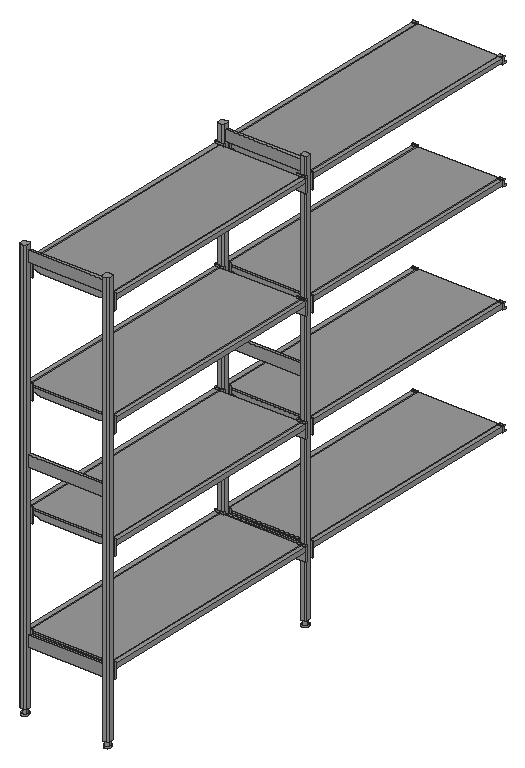
Revit family "QF_ELECTROLUXPROFESSIONAL_137064_ACS2016", category Attrezzature speciali, Revit 2020
Family settings
  Quota connettore circolare = Usa diametro
  Tipo di parte = Normale
  Basato su piano di lavoro = No
  Sempre verticale = Sì
  Taglio con vuoti quando caricato = No
  Condiviso = No
  Punto di calcolo locali = No
Parameters (values of type "Standard")
  Weight = 31.00 kg
  Watts = 0 W
  Volts = 0 V
  URL Manufacturer = "https://www.electroluxprofessional.com/"
  URL = "https://www.electroluxprofessional.com/"
  Steam Supply Size = 0 mm
  Steam Supply Minimum Pressure = 0.0 Pa
  Steam Supply Maximum Pressure = 0.0 Pa
  Steam Consumption per Hour = 0
  Refrigeration Suction Line Size = 0.0 mm
  Refrigeration Liquid Line Size = 0.0 mm
  Refrigerant Compressor Remote = yes
  Prospetto di default = 0.0 mm
  Phase = 0
  Modello = "ACS2016"
  Produttore = "Electrolux Professional"
  Length Actual = 2020.0 mm  # constant formula
  Item Number = "137064"
  Hot Water Size = 0 mm
  Height Actual = 1700.0 mm  # constant formula
  HP = "0 HP"
  Gas Size = 0 mm
  Gas KW = 0
  Gas Input Pressure = 0 W
  Direct Waste Size = 0 mm
  Descrizione = "ALUM.CORNER SHELV.-POLY.TIERS-373X2020MM"
  Depth Actual = 373.0 mm  # constant formula
  Cycle = 0 Hz
  Condensate Return Size = 0 mm
  Compressed Air Volume = 0.0 L/s
  Compressed Air Size = 0 mm
  Compressed Air Pressure = 0.0 Pa
  Cold Water Size = 0 mm
  Accessory = yes
Reference planes
  plane 1: z = 0
  plane 2 "CenterLeft": y = -535.5
  plane 3 "FRONT": y = -921.5
  plane 4 "LEFT": x = 192.5
  plane 5 "RIGHT": x = 565.5
  plane 6 "TOP": z = 1700
  plane 7: y = -889.5
  plane 8: y = 84.5
  plane 9 "Center (Left/Back)": x = 379
  plane 10: x = 205
  plane 11: x = 515
  plane 12 "FEET": z = 25
  plane 13: z = 275
  plane 14: z = 725
  plane 15: z = 1175
  plane 16: z = 1625
  plane 17 "CXLeft": y = -907.5
  plane 18 "Center (Front/Back)": y = 102.5
  plane 19 "CYFront": x = 510
  plane 20: y = 1094.5
  plane 21: y = 120.5
  plane 22 "BACK": y = 1098.5
  plane 23 "LEFT_ORIGIN": x = 158.5
  plane 24 "BACK_ORIGIN": y = 1471.5
Forms (mm)
  Extrusion 1, solid, material "QF_Aluminum"
    sketch origin (38.022, -921.5, -4.006) x (-1, 0, 0) y (0, 0, 1)
      loop
        line (-189.5, 1637.003) -> (-173.5, 1637.003) -> (-173.5, 1655) -> (-175.493, 1655) -> (-175.493, 1648.501) -> (-506.5, 1648.501) -> (-506.5, 1655) -> (-508.5, 1655) -> (-508.5, 1637.003) -> (-492.5, 1637.003) -> (-458.5, 1625) -> (-223.5, 1625) -> (-189.5, 1637.003)
      loop
        line (-189.5, 1187.003) -> (-173.5, 1187.003) -> (-173.5, 1205) -> (-175.493, 1205) -> (-175.493, 1198.501) -> (-506.5, 1198.501) -> (-506.5, 1205) -> (-508.5, 1205) -> (-508.5, 1187.003) -> (-492.5, 1187.003) -> (-458.5, 1175) -> (-223.5, 1175) -> (-189.5, 1187.003)
      loop
        line (-189.5, 737.003) -> (-173.5, 737.003) -> (-173.5, 755) -> (-175.493, 755) -> (-175.493, 748.501) -> (-506.5, 748.501) -> (-506.5, 755) -> (-508.5, 755) -> (-508.5, 737.003) -> (-492.5, 737.003) -> (-458.5, 725) -> (-223.5, 725) -> (-189.5, 737.003)
      loop
        line (-189.5, 287.003) -> (-173.5, 287.003) -> (-173.5, 305) -> (-175.493, 305) -> (-175.493, 298.501) -> (-506.5, 298.501) -> (-506.5, 305) -> (-508.5, 305) -> (-508.5, 287.003) -> (-492.5, 287.003) -> (-458.5, 275) -> (-223.5, 275) -> (-189.5, 287.003)
    from 37 to 32
  Extrusion 2, solid, material "QF_Aluminum"
    sketch origin (38.022, -921.5, 0) x (-1, 0, 0) y (0, 0, 1)
      loop
        line (-154.478, 246.005) -> (-154.478, 307.993) -> (-190.471, 307.993) -> (-190.471, 246.005) -> (-154.478, 246.005)
      loop
        line (-527.478, 246.005) -> (-491.484, 246.005) -> (-491.484, 307.993) -> (-527.478, 307.993) -> (-527.478, 246.005)
      loop
        line (-154.478, 696.005) -> (-154.478, 757.993) -> (-190.471, 757.993) -> (-190.471, 696.005) -> (-154.478, 696.005)
      loop
        line (-527.478, 696.005) -> (-491.484, 696.005) -> (-491.484, 757.993) -> (-527.478, 757.993) -> (-527.478, 696.005)
      loop
        line (-154.478, 1146.005) -> (-154.478, 1207.993) -> (-190.471, 1207.993) -> (-190.471, 1146.005) -> (-154.478, 1146.005)
      loop
        line (-527.478, 1146.005) -> (-491.484, 1146.005) -> (-491.484, 1207.993) -> (-527.478, 1207.993) -> (-527.478, 1146.005)
      loop
        line (-154.478, 1596.005) -> (-154.478, 1657.993) -> (-190.471, 1657.993) -> (-190.471, 1596.005) -> (-154.478, 1596.005)
      loop
        line (-527.478, 1596.005) -> (-491.484, 1596.005) -> (-491.484, 1657.993) -> (-527.478, 1657.993) -> (-527.478, 1596.005)
    from 28 to 32
  Extrusion 3, solid, material "QF_Aluminum"
    sketch origin (38.022, -921.5, 0) x (-1, 0, 0) y (0, 0, 1)
      loop
        line (-154.5, 1650.994) -> (-173.5, 1650.994) -> (-173.5, 1632.998) -> (-154.5, 1632.998) -> (-154.5, 1650.994)
      loop
        line (-154.5, 1200.994) -> (-173.5, 1200.994) -> (-173.5, 1182.998) -> (-154.5, 1182.998) -> (-154.5, 1200.994)
      loop
        line (-154.5, 750.994) -> (-173.5, 750.994) -> (-173.5, 732.998) -> (-154.5, 732.998) -> (-154.5, 750.994)
      loop
        line (-154.5, 300.994) -> (-173.5, 300.994) -> (-173.5, 282.998) -> (-154.5, 282.998) -> (-154.5, 300.994)
      loop
        line (-527.455, 1650.994) -> (-527.455, 1632.998) -> (-508.455, 1632.998) -> (-508.455, 1650.994) -> (-527.455, 1650.994)
      loop
        line (-527.455, 1200.994) -> (-527.455, 1182.998) -> (-508.455, 1182.998) -> (-508.455, 1200.994) -> (-527.455, 1200.994)
      loop
        line (-527.455, 750.994) -> (-527.455, 732.998) -> (-508.455, 732.998) -> (-508.455, 750.994) -> (-527.455, 750.994)
      loop
        line (-527.455, 300.994) -> (-527.455, 282.998) -> (-508.455, 282.998) -> (-508.455, 300.994) -> (-527.455, 300.994)
    from 32 to 1006
  Extrusion 4, solid, material "QF_Polyethylene"
    sketch origin (38.022, -921.5, 0) x (-1, 0, 0) y (0, 0, 1)
      loop
        line (-175.493, 1650.994) -> (-506.5, 1650.994) -> (-506.5, 1644.496) -> (-175.493, 1644.496) -> (-175.493, 1650.994)
      loop
        line (-175.493, 1200.994) -> (-506.5, 1200.994) -> (-506.5, 1194.496) -> (-175.493, 1194.496) -> (-175.493, 1200.994)
      loop
        line (-175.493, 750.994) -> (-506.5, 750.994) -> (-506.5, 744.496) -> (-175.493, 744.496) -> (-175.493, 750.994)
      loop
        line (-175.493, 300.994) -> (-506.5, 300.994) -> (-506.5, 294.496) -> (-175.493, 294.496) -> (-175.493, 300.994)
    from 32 to 1006
  Extrusion 5, solid, material "QF_Aluminum"
    sketch origin (38.022, 684.5, 0) x (-1, 0, 0) y (0, 0, 1)
      loop
        line (-154.5, 1650.994) -> (-173.5, 1650.994) -> (-173.5, 1632.998) -> (-154.5, 1632.998) -> (-154.5, 1650.994)
      loop
        line (-508.5, 1650.994) -> (-527.455, 1650.994) -> (-527.455, 1632.998) -> (-508.5, 1632.998) -> (-508.5, 1650.994)
      loop
        line (-154.5, 1200.994) -> (-173.5, 1200.994) -> (-173.5, 1182.998) -> (-154.5, 1182.998) -> (-154.5, 1200.994)
      loop
        line (-508.5, 1200.994) -> (-527.455, 1200.994) -> (-527.455, 1182.998) -> (-508.5, 1182.998) -> (-508.5, 1200.994)
      loop
        line (-154.5, 750.994) -> (-173.5, 750.994) -> (-173.5, 732.998) -> (-154.5, 732.998) -> (-154.5, 750.994)
      loop
        line (-508.5, 750.994) -> (-527.455, 750.994) -> (-527.455, 732.998) -> (-508.5, 732.998) -> (-508.5, 750.994)
      loop
        line (-154.5, 300.994) -> (-173.5, 300.994) -> (-173.5, 282.998) -> (-154.5, 282.998) -> (-154.5, 300.994)
      loop
        line (-508.5, 300.994) -> (-527.455, 300.994) -> (-527.455, 282.998) -> (-508.5, 282.998) -> (-508.5, 300.994)
    from 410 to -564
  Extrusion 6, solid, material "QF_Polyethylene"
    sketch origin (38.022, 684.5, 0) x (-1, 0, 0) y (0, 0, 1)
      loop
        line (-175.493, 1650.994) -> (-506.5, 1650.994) -> (-506.5, 1644.496) -> (-175.493, 1644.496) -> (-175.493, 1650.994)
      loop
        line (-175.493, 1200.994) -> (-506.5, 1200.994) -> (-506.5, 1194.496) -> (-175.493, 1194.496) -> (-175.493, 1200.994)
      loop
        line (-175.493, 750.994) -> (-506.5, 750.994) -> (-506.5, 744.496) -> (-175.493, 744.496) -> (-175.493, 750.994)
      loop
        line (-175.493, 300.994) -> (-506.5, 300.994) -> (-506.5, 294.496) -> (-175.493, 294.496) -> (-175.493, 300.994)
    from 410 to -564
Lines and regions (mm)
  symbolic lines
    curve 1: line (205, -912.5, 1700) -> (515, -912.5, 1700)
    curve 2: line (515, -902.5, 1700) -> (205, -902.5, 1700)
    curve 3: line (192.5, -893.5, 1700) -> (192.5, 88.5, 1700)
    curve 4: line (565.5, -889.5, 1700) -> (565.5, 84.5, 1700)
    curve 5: line (192.5, 116.5, 1700) -> (192.5, 1098.5, 1700)
    curve 6: line (565.5, 116.5, 1700) -> (565.5, 1098.5, 1700)
    curve 7: line (211.522, 1094.5, 1700) -> (510.507, 1094.5, 1700)
    curve 8: line (211.522, 84.5, 1700) -> (510.507, 84.5, 1700)
    curve 9: line (510.507, 120.5, 1700) -> (211.522, 120.5, 1700)
    curve 10: line (211.522, -889.5, 1700) -> (510.507, -889.5, 1700)
    curve 11: line (211.522, -889.5, 1700) -> (211.522, 84.5, 1700)
    curve 12: line (546.478, 84.5, 1700) -> (546.478, -889.5, 1700)
    curve 13: line (211.522, 120.5, 1700) -> (211.522, 1094.5, 1700)
    curve 14: line (546.522, 652.5, 1700) -> (546.522, -145.5, 1700)
Dimensions and locks
  plane 3 "FRONT" to plane 2 "CenterLeft" = 386.0 mm
  locked: plane 6 "TOP" to level at 1700
  locked: plane 7 to plane 8 at 974
  locked: plane 10 to plane 11 at 310
  plane 10 to plane 9 "Center (Left/Back)" to plane 11 = 174.0 mm, 136.0 mm
  equal spacing: plane 4 "LEFT", plane 9 "Center (Left/Back)", plane 5 "RIGHT"
  plane 12 "FEET" to level = 25.0 mm
  plane 6 "TOP" to plane 12 "FEET" = 1675.0 mm
  plane 13 to plane 12 "FEET" = 250.0 mm
  plane 14 to plane 13 = 450.0 mm
  plane 15 to plane 14 = 450.0 mm
  plane 16 to plane 15 = 450.0 mm
  plane 19 "CYFront" to Extrusion 1 sketch curve = 34.522 mm
  locked: plane 21 to plane 20 at 974
  locked: plane 8 to plane 18 "Center (Front/Back)" at 18
  locked: plane 18 "Center (Front/Back)" to plane 21 at 18
  locked: plane 3 "FRONT" to plane 7 at 32
  locked: plane 4 "LEFT" to plane 5 "RIGHT" at 373
  locked: plane 23 "LEFT_ORIGIN" to plane 5 "RIGHT" at 407
  locked: plane 22 "BACK" to plane 24 "BACK_ORIGIN" at 373
  locked: plane 22 "BACK" to plane 3 "FRONT" at 2020
  aligned and locked: level to plane 1
  aligned and locked: Extrusion 1 to plane 7
  aligned and locked: plane 7 to Extrusion 2
  aligned and locked: Extrusion 4 to plane 7
  aligned and locked: plane 8 to Extrusion 4
  aligned and locked: Extrusion 3 to plane 7
  aligned and locked: plane 8 to Extrusion 3
  aligned and locked: Extrusion 1 sketch curve to Extrusion 1 sketch curve  (x3)
  aligned and locked: Extrusion 4 sketch curve to Extrusion 1  (x4)
  aligned and locked: Extrusion 5 sketch curve to Extrusion 5 sketch curve  (x2)
  aligned and locked: Extrusion 5 to plane 21  (x5)
  aligned and locked: Extrusion 6 to plane 21  (x5)
  aligned and locked: nested 2 to plane 18 "Center (Front/Back)"
  aligned and locked: nested 1 to plane 17 "CXLeft"
  aligned and locked: plane 7 to Extrusion 3  (x3)
  aligned and locked: Extrusion 3 to plane 8  (x4)
  aligned and locked: Extrusion 4 to plane 8  (x4)
  aligned and locked: plane 20 to Extrusion 5
  aligned and locked: plane 20 to Extrusion 6
  aligned and locked: Extrusion 5 to plane 20  (x3)
  aligned and locked: Extrusion 6 to plane 20  (x3)
  aligned and locked: plane 9 "Center (Left/Back)" to nested 2
  aligned and locked: nested 3 to plane 22 "BACK"
Automatic sketch dimensions
  curve 1 to plane 10 = 0.0 mm
  curve 1 to plane 11 = 0.0 mm
  curve 2 to plane 10 = 0.0 mm
  curve 2 to plane 11 = 0.0 mm
  curve 3 to plane 4 "LEFT" = 0.0 mm
  plane 7 to curve 10 = 0.0 mm
  curve 4 to plane 5 "RIGHT" = 0.0 mm
  plane 7 to curve 4 = 0.0 mm
  plane 8 to curve 8 = 0.0 mm
  plane 8 to curve 4 = 0.0 mm
  curve 6 to plane 5 "RIGHT" = 0.0 mm
  curve 5 to plane 4 "LEFT" = 0.0 mm
  curve 9 to plane 21 = 0.0 mm
  plane 20 to curve 7 = 0.0 mm
  plane 7 to curve 3 = 4.0 mm
  plane 17 "CXLeft" to curve 2 = 5.0 mm
  curve 1 to plane 17 "CXLeft" = 5.0 mm
  curve 3 to plane 8 = 4.0 mm
  curve 6 to plane 21 = 4.0 mm
  curve 5 to plane 21 = 4.0 mm
  curve 6 to plane 20 = 4.0 mm
  curve 5 to plane 20 = 4.0 mm
  plane 11 to curve 10 = 4.493 mm
  plane 11 to curve 9 = 4.493 mm
  plane 11 to curve 8 = 4.493 mm
  plane 11 to curve 7 = 4.493 mm
  curve 8 to plane 10 = 6.522 mm
  curve 7 to plane 10 = 6.522 mm
  Extrusion 1 sketch curve to plane 19 "CYFront" = 36.522 mm  (x4)
  Extrusion 1 sketch curve to plane 11 = 15.522 mm  (x4)
  Extrusion 1 sketch curve to plane 13 = 4.006 mm
  Extrusion 1 sketch curve to Extrusion 1 sketch curve = 34.0 mm  (x4)
  Extrusion 1 sketch curve to plane 14 = 4.006 mm
  Extrusion 1 sketch curve to plane 15 = 4.006 mm
  Extrusion 1 sketch curve to plane 16 = 4.006 mm
  Extrusion 1 sketch curve to plane 10 = 56.522 mm  (x4)
  Extrusion 1 sketch curve to plane 10 = 22.522 mm  (x4)
  plane 13 to Extrusion 1 sketch curve = 7.998 mm  (x2)
  Extrusion 1 sketch curve to Extrusion 1 sketch curve = 11.498 mm  (x4)
  Extrusion 1 sketch curve to Extrusion 1 sketch curve = 6.499 mm  (x8)
  plane 14 to Extrusion 1 sketch curve = 7.998 mm  (x2)
  plane 15 to Extrusion 1 sketch curve = 7.998 mm  (x2)
  plane 16 to Extrusion 1 sketch curve = 7.998 mm  (x2)
  Extrusion 2 sketch curve to plane 5 "RIGHT" = 0.0 mm  (x4)
  Extrusion 2 sketch curve to plane 4 "LEFT" = 0.0 mm  (x4)
  Extrusion 2 sketch curve to plane 11 = 14.507 mm  (x4)
  Extrusion 2 sketch curve to plane 10 = 23.493 mm  (x4)
  Extrusion 2 sketch curve to plane 13 = 28.995 mm  (x2)
  plane 13 to Extrusion 2 sketch curve = 32.993 mm  (x2)
  Extrusion 2 sketch curve to plane 14 = 28.995 mm  (x2)
  plane 14 to Extrusion 2 sketch curve = 32.993 mm  (x2)
  Extrusion 2 sketch curve to plane 15 = 28.995 mm  (x2)
  plane 15 to Extrusion 2 sketch curve = 32.993 mm  (x2)
  Extrusion 2 sketch curve to plane 16 = 28.995 mm  (x2)
  plane 16 to Extrusion 2 sketch curve = 32.993 mm  (x2)
  plane 13 to Extrusion 4 sketch curve = 19.496 mm
  Extrusion 4 sketch curve to Extrusion 4 sketch curve = 6.499 mm  (x4)
  plane 14 to Extrusion 4 sketch curve = 19.496 mm
  plane 15 to Extrusion 4 sketch curve = 19.496 mm
  plane 16 to Extrusion 4 sketch curve = 19.496 mm
  plane 5 "RIGHT" to Extrusion 5 sketch curve = 0.022 mm  (x4)
  Extrusion 5 sketch curve to plane 4 "LEFT" = 19.022 mm  (x4)
  Extrusion 5 sketch curve to plane 19 "CYFront" = 36.522 mm  (x2)
  plane 13 to Extrusion 5 sketch curve = 7.998 mm  (x2)
  Extrusion 5 sketch curve to Extrusion 5 sketch curve = 17.997 mm  (x8)
  plane 14 to Extrusion 5 sketch curve = 7.998 mm  (x2)
  plane 15 to Extrusion 5 sketch curve = 7.998 mm  (x2)
  plane 16 to Extrusion 5 sketch curve = 7.998 mm  (x2)
  Extrusion 6 sketch curve to plane 19 "CYFront" = 34.522 mm  (x4)
  plane 13 to Extrusion 6 sketch curve = 19.496 mm
  Extrusion 6 sketch curve to Extrusion 6 sketch curve = 6.499 mm  (x4)
  plane 14 to Extrusion 6 sketch curve = 19.496 mm
  plane 15 to Extrusion 6 sketch curve = 19.496 mm
  plane 16 to Extrusion 6 sketch curve = 19.496 mm
  plane 5 "RIGHT" to Extrusion 3 sketch curve = 0.022 mm  (x4)
  Extrusion 3 sketch curve to Extrusion 3 sketch curve = 19.0 mm  (x4)
  plane 14 to Extrusion 3 sketch curve = 7.998 mm  (x2)
  Extrusion 3 sketch curve to plane 10 = 6.522 mm  (x4)
  Extrusion 3 sketch curve to plane 4 "LEFT" = 0.022 mm  (x4)
  plane 13 to Extrusion 3 sketch curve = 25.994 mm  (x2)
  plane 13 to Extrusion 3 sketch curve = 7.998 mm  (x2)
  Extrusion 3 sketch curve to Extrusion 3 sketch curve = 17.997 mm  (x6)
  plane 15 to Extrusion 3 sketch curve = 7.998 mm  (x2)
  plane 16 to Extrusion 3 sketch curve = 7.998 mm  (x2)
  plane 7 to curve 12 = 0.0 mm
  plane 8 to curve 12 = 0.0 mm
  curve 4 to curve 12 = 19.022 mm
  Extrusion 1 sketch curve to plane 10 = 8.516 mm  (x4)
  Extrusion 1 sketch curve to plane 10 = 6.522 mm  (x2)
  Extrusion 1 sketch curve to Extrusion 1 sketch curve = 1.993 mm  (x2)
  Extrusion 4 sketch curve to plane 10 = 8.516 mm  (x4)
  Extrusion 5 sketch curve to plane 4 "LEFT" = 0.022 mm  (x4)
  Extrusion 6 sketch curve to plane 10 = 8.516 mm  (x4)
Nested families
  nested 1: "WT_Anta373" at (215.5, -504.5, 0) x (0, 1, 0) z (0, 0, 1), type "WT_Anta373"
  nested 2: "WT_Anta373Center" at (215.5, 505.5, 0) x (0, 1, 0) z (0, 0, 1), type "WT_Anta373Center"
  nested 3: "WT_Aggancio373" at (215.5, 1506.5, 0) x (0, 1, 0) z (0, 0, 1), type "WT_Aggancio373"
Definition of nested family "WT_Anta373"
  Parameters
    WidthLeft = A + 64.0 mm  # 772.0 mm
    Width = 1606.0 mm
    Right = WidthLeft / 2  # 386.0 mm
    Default Elevation = 0.0 mm
    Left = -WidthLeft / 2  # -386.0 mm
    Height = 1725.0 mm
    FEET = 25.0 mm
    E = 0.0 mm
    Dint = Depth - 63.0 mm  # 310.0 mm
    Dext = Depth - 8.0 mm  # 365.0 mm
    Depth = 373.0 mm
    DX = (WidthLeft - A) / 2  # 32.0 mm
    B = 798.0 mm
    A = 708.0 mm
  Reference planes
    plane 1: z = 0
    plane 2 "LEFT": x = -417
    plane 3 "BACK": y = 23
    plane 4 "FRONT": y = -350
    plane 5 "TOP": z = 1725
    plane 6 "Center (Front/Back)": y = -163.5
    plane 7: y = -8.5
    plane 8: y = -318.5
    plane 9 "FEET": z = 25
    plane 10: z = 275
    plane 11: z = 725
    plane 12: z = 1175
    plane 13: z = 1625
    plane 14 "CXLeft": x = -403
    plane 15: y = 5.5
    plane 16 "CYBack": y = 5.5
    plane 17 "CYFront": y = -332.5
    plane 18: x = -385.031
    plane 19: x = -380.031
  Forms (mm)
    Extrusion 1, solid
      sketch origin (0, 0, 0) x (1, 0, 0) y (0, 1, 0)
        loop
          line (-417, 13.246) -> (-417, -2.246) -> (-410.746, -8.5) -> (-395.254, -8.5) -> (-389, -2.246) -> (-389, 13.246) -> (-395.254, 19.5) -> (-410.746, 19.5) -> (-417, 13.246)
      from 1725 to 25
    Extrusion 2, solid
      sketch origin (-417, 0, 0) x (0, 1, 0) y (0, 0, 1)
        loop
          line (23, 246.005) -> (23, 307.993) -> (-12.993, 307.993) -> (-12.993, 246.005) -> (23, 246.005)
        loop
          line (-350, 246.005) -> (-314.007, 246.005) -> (-314.007, 307.993) -> (-350, 307.993) -> (-350, 246.005)
        loop
          line (23, 696.005) -> (23, 757.993) -> (-12.993, 757.993) -> (-12.993, 696.005) -> (23, 696.005)
        loop
          line (-350, 696.005) -> (-314.007, 696.005) -> (-314.007, 757.993) -> (-350, 757.993) -> (-350, 696.005)
        loop
          line (23, 1146.005) -> (23, 1207.993) -> (-12.993, 1207.993) -> (-12.993, 1146.005) -> (23, 1146.005)
        loop
          line (-350, 1146.005) -> (-314.007, 1146.005) -> (-314.007, 1207.993) -> (-350, 1207.993) -> (-350, 1146.005)
        loop
          line (23, 1596.005) -> (23, 1657.993) -> (-12.993, 1657.993) -> (-12.993, 1596.005) -> (23, 1596.005)
        loop
          line (-350, 1596.005) -> (-314.007, 1596.005) -> (-314.007, 1657.993) -> (-350, 1657.993) -> (-350, 1596.005)
      from 28 to 32
    Revolve 3, solid
      sketch origin (-403, 0, 0) x (0, 1, 0) y (0, 0, 1)
        loop
          line (5.5, 25) -> (5.5, 0) -> (19, 0) -> (19, 5) -> (14, 5) -> (14, 25) -> (5.5, 25)
        axis (5.5, 25) -> (5.5, 0)
      angle from 0 to 360
    Extrusion 4, solid
      sketch origin (-403, 0, 0) x (0, 1, 0) y (0, 0, 1)
        loop
          line (-8.5, 912.382) -> (-8.5, 957.374) -> (-318.5, 957.374) -> (-318.5, 912.382) -> (-8.5, 912.382)
        loop
          line (-8.5, 1662.244) -> (-8.5, 1707.236) -> (-318.5, 1707.236) -> (-318.5, 1662.244) -> (-8.5, 1662.244)
      from -5 to 5
    Revolve 5, solid
      sketch origin (-403, -627, 0) x (0, -1, 0) y (0, 0, 1)
        loop
          line (-294.5, 25) -> (-294.5, 0) -> (-281, 0) -> (-281, 5) -> (-286, 5) -> (-286, 25) -> (-294.5, 25)
        axis (-294.5, 25) -> (-294.5, 0)
      angle from 0 to 360
    Extrusion 6, solid
      sketch origin (0, -627, 0) x (1, 0, 0) y (0, 1, 0)
        loop
          line (-417, 286.754) -> (-410.746, 280.5) -> (-395.254, 280.5) -> (-389, 286.754) -> (-389, 302.246) -> (-395.254, 308.5) -> (-410.746, 308.5) -> (-417, 302.246) -> (-417, 286.754)
      from 1725 to 25
    Extrusion 7, solid
      sketch origin (-417.031, -0.022, 0) x (0, 1, 0) y (0, 0, -1)
        loop
          line (-12, -1632.998) -> (-46, -1620.994) -> (-281, -1620.994) -> (-315, -1632.998) -> (-331, -1632.998) -> (-331, -1650.994) -> (-329, -1650.994) -> (-329, -1644.496) -> (2.007, -1644.496) -> (2.007, -1650.994) -> (4, -1650.994) -> (4, -1632.998) -> (-12, -1632.998)
        loop
          line (-12, -1182.998) -> (-46, -1170.994) -> (-281, -1170.994) -> (-315, -1182.998) -> (-331, -1182.998) -> (-331, -1200.994) -> (-329, -1200.994) -> (-329, -1194.496) -> (2.007, -1194.496) -> (2.007, -1200.994) -> (4, -1200.994) -> (4, -1182.998) -> (-12, -1182.998)
        loop
          line (-12, -732.998) -> (-46, -720.994) -> (-281, -720.994) -> (-315, -732.998) -> (-331, -732.998) -> (-331, -750.994) -> (-329, -750.994) -> (-329, -744.496) -> (2.007, -744.496) -> (2.007, -750.994) -> (4, -750.994) -> (4, -732.998) -> (-12, -732.998)
        loop
          line (-12, -282.998) -> (-46, -270.994) -> (-281, -270.994) -> (-315, -282.998) -> (-331, -282.998) -> (-331, -300.994) -> (-329, -300.994) -> (-329, -294.496) -> (2.007, -294.496) -> (2.007, -300.994) -> (4, -300.994) -> (4, -282.998) -> (-12, -282.998)
      from -32 to -37
    Extrusion 8, solid
      sketch origin (-403, 0, -659.878) x (0, 1, 0) y (0, 0, 1)
        loop
          line (-8.5, 912.382) -> (-8.5, 957.374) -> (-318.5, 957.374) -> (-318.5, 912.382) -> (-8.5, 912.382)
        loop
          line (-8.5, 1572.382) -> (-8.5, 1617.374) -> (-318.5, 1617.374) -> (-318.5, 1572.382) -> (-8.5, 1572.382)
        loop
          line (-8.5, 2322.382) -> (-8.5, 2367.374) -> (-318.5, 2367.374) -> (-318.5, 2322.382) -> (-8.5, 2322.382)
      from -5 to 5
  Lines and regions (mm)
    symbolic lines
      curve 1: line (-408, -8.5, 1725) -> (-408, -318.5, 1725)
      curve 2: line (-398, -318.5, 1725) -> (-398, -8.5, 1725)
      curve 3: line (-395.254, -8.5, 1725) -> (-410.746, -8.5, 1725)
      curve 4: line (-417, -2.246, 1725) -> (-410.746, -8.5, 1725)
      curve 5: line (-417, 13.246, 1725) -> (-417, -2.246, 1725)
      curve 6: line (-410.746, 19.5, 1725) -> (-417, 13.246, 1725)
      curve 7: line (-395.254, 19.5, 1725) -> (-410.746, 19.5, 1725)
      curve 8: line (-389, 13.246, 1725) -> (-395.254, 19.5, 1725)
      curve 9: line (-395.254, -8.5, 1725) -> (-389, -2.246, 1725)
      curve 10: line (-395.254, -318.5, 1725) -> (-410.746, -318.5, 1725)
      curve 11: line (-417, -324.754, 1725) -> (-410.746, -318.5, 1725)
      curve 12: line (-410.746, -346.5, 1725) -> (-417, -340.246, 1725)
      curve 13: line (-395.254, -346.5, 1725) -> (-410.746, -346.5, 1725)
      curve 14: line (-389, -340.246, 1725) -> (-395.254, -346.5, 1725)
      curve 15: line (-395.254, -318.5, 1725) -> (-389, -324.754, 1725)
      curve 16: line (-389, -350, 1725) -> (-389, -314.007, 1725)
      curve 17: line (-389, -314.007, 1725) -> (-385, -314.007, 1725)
      curve 18: line (-389, 23, 1725) -> (-389, -12.993, 1725)
      curve 19: line (-389, -12.993, 1725) -> (-385, -12.993, 1725)
      curve 20: line (-417, -324.754, 1725) -> (-417, -340.246, 1725)
      curve 21: line (-385, -350, 1725) -> (-385, -314.007, 1725)
      curve 22: line (-385, -350, 1725) -> (-389, -350, 1725)
      curve 23: line (-385, 23, 1725) -> (-389, 23, 1725)
      curve 24: line (-385, -12.993, 1725) -> (-385, 23, 1725)
      curve 25: line (-385.031, -13.016, 1725) -> (-385.031, -314.029, 1725)
  Dimensions and locks
    "Height": plane 5 "TOP" to level
    "Depth": plane 3 "BACK" to plane 4 "FRONT"
    "Dint": plane 7 to plane 8
    equal spacing: plane 7, plane 6 "Center (Front/Back)", plane 8
    equal spacing: plane 3 "BACK", plane 6 "Center (Front/Back)", plane 4 "FRONT"
    plane 9 "FEET" to level = 25.0 mm
    plane 5 "TOP" to plane 9 "FEET" = 1700.0 mm
    plane 10 to plane 9 "FEET" = 250.0 mm
    plane 11 to plane 10 = 450.0 mm
    plane 12 to plane 11 = 450.0 mm
    plane 13 to plane 12 = 450.0 mm
    locked: plane 2 "LEFT" to plane 14 "CXLeft" at 14
    locked: plane 3 "BACK" to plane 16 "CYBack" at 17.5
    locked: plane 17 "CYFront" to plane 4 "FRONT" at 17.5
    locked: Revolve 3 sketch curve to Revolve 3 sketch curve at 8.5
    locked: Revolve 3 sketch curve to plane 16 "CYBack" at 13.5
    locked: Revolve 5 sketch curve to Revolve 5 sketch curve at 8.5
    aligned and locked: level to plane 1
    aligned and locked: curve 20 to Extrusion 6
    aligned and locked: plane 5 "TOP" to Extrusion 1
    aligned and locked: plane 5 "TOP" to Extrusion 6
    aligned and locked: Extrusion 7 sketch curve to Extrusion 7 sketch curve  (x3)
  Automatic sketch dimensions
    curve 16 to plane 4 "FRONT" = 0.0 mm
    curve 11 to plane 8 = 0.0 mm
    curve 9 to plane 7 = 0.0 mm
    curve 5 to plane 2 "LEFT" = 0.0 mm
    curve 23 to plane 3 "BACK" = 0.0 mm
    plane 4 "FRONT" to curve 13 = 3.5 mm
    curve 20 to plane 17 "CYFront" = 7.746 mm
    curve 20 to plane 8 = 6.254 mm
    plane 8 to curve 16 = 4.493 mm
    curve 24 to plane 18 = 0.031 mm
    curve 24 to plane 7 = 4.493 mm
    plane 7 to curve 5 = 6.254 mm
    curve 5 to plane 15 = 7.746 mm
    curve 6 to plane 3 "BACK" = 3.5 mm
    curve 21 to plane 18 = 0.031 mm
    plane 18 to curve 23 = 3.969 mm
    plane 18 to curve 16 = 3.969 mm
    curve 18 to curve 8 = 6.254 mm
    curve 18 to curve 3 = 6.254 mm
    curve 16 to curve 13 = 6.254 mm
    curve 16 to curve 15 = 6.254 mm
    plane 2 "LEFT" to curve 10 = 6.254 mm
    plane 2 "LEFT" to curve 7 = 6.254 mm
    plane 2 "LEFT" to curve 12 = 6.254 mm
    plane 2 "LEFT" to curve 3 = 6.254 mm
    curve 14 to plane 17 "CYFront" = 7.746 mm
    curve 15 to plane 8 = 6.254 mm
    plane 7 to curve 9 = 6.254 mm
    curve 8 to plane 15 = 7.746 mm
    curve 3 to curve 2 = 2.746 mm
    curve 1 to curve 10 = 2.746 mm
    Extrusion 1 sketch curve to plane 2 "LEFT" = 0.0 mm
    Extrusion 1 sketch curve to plane 7 = 0.0 mm
    plane 2 "LEFT" to Extrusion 1 sketch curve = 6.254 mm  (x2)
    plane 14 "CXLeft" to Extrusion 1 sketch curve = 7.746 mm  (x2)
    Extrusion 1 sketch curve to plane 3 "BACK" = 3.5 mm
    plane 18 to Extrusion 1 sketch curve = 3.969 mm
    plane 7 to Extrusion 1 sketch curve = 6.254 mm  (x2)
    Extrusion 1 sketch curve to plane 15 = 7.746 mm  (x2)
    Extrusion 2 sketch curve to plane 4 "FRONT" = 0.0 mm  (x4)
    Extrusion 2 sketch curve to plane 3 "BACK" = 0.0 mm  (x4)
    plane 8 to Extrusion 2 sketch curve = 4.493 mm  (x4)
    Extrusion 2 sketch curve to plane 7 = 4.493 mm  (x4)
    Extrusion 2 sketch curve to plane 10 = 28.995 mm  (x2)
    plane 10 to Extrusion 2 sketch curve = 32.993 mm  (x2)
    Extrusion 2 sketch curve to plane 11 = 28.995 mm  (x2)
    plane 11 to Extrusion 2 sketch curve = 32.993 mm  (x2)
    Extrusion 2 sketch curve to plane 12 = 28.995 mm  (x2)
    plane 12 to Extrusion 2 sketch curve = 32.993 mm  (x2)
    Extrusion 2 sketch curve to plane 13 = 28.995 mm  (x2)
    plane 13 to Extrusion 2 sketch curve = 32.993 mm  (x2)
    Revolve 3 sketch curve to plane 9 "FEET" = 0.0 mm  (x2)
    Revolve 3 sketch curve to plane 15 = 0.0 mm  (x2)
    Revolve 3 sketch curve to level = 0.0 mm
    level to Revolve 3 sketch curve = 5.0 mm
    Revolve 3 sketch curve to Revolve 3 sketch curve = 11.655 mm
    Extrusion 4 sketch curve to plane 8 = 0.0 mm  (x2)
    Extrusion 4 sketch curve to plane 7 = 0.0 mm  (x2)
    plane 11 to Extrusion 4 sketch curve = 187.382 mm
    Extrusion 4 sketch curve to Extrusion 4 sketch curve = 44.992 mm
    plane 13 to Extrusion 4 sketch curve = 37.244 mm
    Extrusion 4 sketch curve to plane 5 "TOP" = 17.764 mm
    Revolve 5 sketch curve to plane 9 "FEET" = 0.0 mm  (x2)
    Revolve 5 sketch curve to plane 17 "CYFront" = 0.0 mm  (x2)
    Revolve 5 sketch curve to level = 0.0 mm
    Revolve 5 sketch curve to plane 4 "FRONT" = 4.0 mm
    Revolve 5 sketch curve to Revolve 5 sketch curve = 5.0 mm
    level to Revolve 5 sketch curve = 11.655 mm
    Extrusion 6 sketch curve to plane 2 "LEFT" = 0.0 mm
    Extrusion 6 sketch curve to plane 8 = 0.0 mm
    Extrusion 6 sketch curve to plane 2 "LEFT" = 6.254 mm  (x2)
    Extrusion 6 sketch curve to plane 14 "CXLeft" = 7.746 mm  (x2)
    Extrusion 6 sketch curve to plane 4 "FRONT" = 3.5 mm
    Extrusion 6 sketch curve to plane 18 = 3.969 mm
    plane 8 to Extrusion 6 sketch curve = 6.254 mm  (x2)
    plane 17 "CYFront" to Extrusion 6 sketch curve = 7.746 mm  (x2)
    plane 17 "CYFront" to Extrusion 7 sketch curve = 1.478 mm  (x4)
    Extrusion 7 sketch curve to Extrusion 7 sketch curve = 2.0 mm
    plane 8 to Extrusion 7 sketch curve = 3.478 mm  (x4)
    Extrusion 7 sketch curve to plane 10 = 4.006 mm
    Extrusion 7 sketch curve to Extrusion 7 sketch curve = 34.0 mm  (x4)
    Extrusion 7 sketch curve to plane 11 = 4.006 mm
    Extrusion 7 sketch curve to plane 12 = 4.006 mm
    Extrusion 7 sketch curve to plane 13 = 4.006 mm
    Extrusion 7 sketch curve to plane 7 = 37.522 mm  (x4)
    Extrusion 7 sketch curve to plane 7 = 3.522 mm  (x4)
    plane 15 to Extrusion 7 sketch curve = 3.516 mm  (x4)
    plane 15 to Extrusion 7 sketch curve = 1.522 mm  (x4)
    plane 13 to Extrusion 7 sketch curve = 7.998 mm  (x2)
    Extrusion 7 sketch curve to Extrusion 7 sketch curve = 11.498 mm
    Extrusion 7 sketch curve to Extrusion 7 sketch curve = 6.499 mm  (x5)
    plane 12 to Extrusion 7 sketch curve = 25.994 mm  (x2)
    plane 12 to Extrusion 7 sketch curve = 7.998 mm  (x2)
    plane 11 to Extrusion 7 sketch curve = 25.994 mm  (x2)
    plane 11 to Extrusion 7 sketch curve = 7.998 mm  (x2)
    plane 10 to Extrusion 7 sketch curve = 25.994 mm  (x2)
    plane 10 to Extrusion 7 sketch curve = 7.998 mm  (x2)
    curve 25 to plane 18 = 0.0 mm
    plane 8 to curve 25 = 4.471 mm
    curve 25 to plane 7 = 4.516 mm
    Extrusion 8 sketch curve to plane 8 = 0.0 mm  (x3)
    Extrusion 8 sketch curve to plane 7 = 0.0 mm  (x3)
    Extrusion 8 sketch curve to plane 10 = 22.496 mm
    plane 10 to Extrusion 8 sketch curve = 22.496 mm
    plane 11 to Extrusion 8 sketch curve = 187.504 mm
    Extrusion 8 sketch curve to Extrusion 8 sketch curve = 44.992 mm
    plane 13 to Extrusion 8 sketch curve = 37.504 mm
    Extrusion 8 sketch curve to plane 5 "TOP" = 17.504 mm
Definition of nested family "WT_Anta373Center"
  Parameters
    WidthLeft = A + 64.0 mm  # 772.0 mm
    Width = 1606.0 mm
    Right = WidthLeft / 2  # 386.0 mm
    Default Elevation = 0.0 mm
    Left = -WidthLeft / 2  # -386.0 mm
    Height = 1725.0 mm
    FEET = 25.0 mm
    E = 0.0 mm
    Dint = Depth - 63.0 mm  # 310.0 mm
    Dext = Depth - 8.0 mm  # 365.0 mm
    Depth = 373.0 mm
    DX = (WidthLeft - A) / 2  # 32.0 mm
    B = 798.0 mm
    A = 708.0 mm
  Reference planes
    plane 1: z = 0
    plane 2 "L": x = -417
    plane 3 "BACK": y = 23
    plane 4 "FRONT": y = -350
    plane 5 "TOP": z = 1725
    plane 6 "Center (Front/Back)": y = -163.5
    plane 7: y = -8.5
    plane 8: y = -318.5
    plane 9 "FEET": z = 25
    plane 10: z = 275
    plane 11: z = 725
    plane 12: z = 1175
    plane 13: z = 1625
    plane 14 "CXLeft": x = -403
    plane 15: y = 5.5
    plane 16 "CYBack": y = 5.5
    plane 17 "CYFront": y = -332.5
    plane 18: x = -385.031
    plane 19 "RIGHT": x = -380.031
    plane 20: x = -420.969
    plane 21 "LEFT": x = -425.969
  Forms (mm)
    Extrusion 1, solid
      sketch origin (0, 0, 0) x (1, 0, 0) y (0, 1, 0)
        loop
          line (-417, 13.246) -> (-417, -2.246) -> (-410.746, -8.5) -> (-395.254, -8.5) -> (-389, -2.246) -> (-389, 13.246) -> (-395.254, 19.5) -> (-410.746, 19.5) -> (-417, 13.246)
      from 1725 to 25
    Extrusion 2, solid
      sketch origin (-417, 0, 0) x (0, 1, 0) y (0, 0, 1)
        loop
          line (23, 246.005) -> (23, 307.993) -> (-12.993, 307.993) -> (-12.993, 246.005) -> (23, 246.005)
        loop
          line (-350, 246.005) -> (-314.007, 246.005) -> (-314.007, 307.993) -> (-350, 307.993) -> (-350, 246.005)
        loop
          line (23, 696.005) -> (23, 757.993) -> (-12.993, 757.993) -> (-12.993, 696.005) -> (23, 696.005)
        loop
          line (-350, 696.005) -> (-314.007, 696.005) -> (-314.007, 757.993) -> (-350, 757.993) -> (-350, 696.005)
        loop
          line (23, 1146.005) -> (23, 1207.993) -> (-12.993, 1207.993) -> (-12.993, 1146.005) -> (23, 1146.005)
        loop
          line (-350, 1146.005) -> (-314.007, 1146.005) -> (-314.007, 1207.993) -> (-350, 1207.993) -> (-350, 1146.005)
        loop
          line (23, 1596.005) -> (23, 1657.993) -> (-12.993, 1657.993) -> (-12.993, 1596.005) -> (23, 1596.005)
        loop
          line (-350, 1596.005) -> (-314.007, 1596.005) -> (-314.007, 1657.993) -> (-350, 1657.993) -> (-350, 1596.005)
      from 28 to 32
    Revolve 3, solid
      sketch origin (-403, 0, 0) x (0, 1, 0) y (0, 0, 1)
        loop
          line (5.5, 25) -> (5.5, 0) -> (19, 0) -> (19, 5) -> (14, 5) -> (14, 25) -> (5.5, 25)
        axis (5.5, 25) -> (5.5, 0)
      angle from 0 to 360
    Extrusion 4, solid
      sketch origin (-403, 0, 0) x (0, 1, 0) y (0, 0, 1)
        loop
          line (-8.5, 912.382) -> (-8.5, 957.374) -> (-318.5, 957.374) -> (-318.5, 912.382) -> (-8.5, 912.382)
        loop
          line (-8.5, 1662.244) -> (-8.5, 1707.236) -> (-318.5, 1707.236) -> (-318.5, 1662.244) -> (-8.5, 1662.244)
      from -5 to 5
    Revolve 5, solid
      sketch origin (-403, -627, 0) x (0, -1, 0) y (0, 0, 1)
        loop
          line (-294.5, 25) -> (-294.5, 0) -> (-281, 0) -> (-281, 5) -> (-286, 5) -> (-286, 25) -> (-294.5, 25)
        axis (-294.5, 25) -> (-294.5, 0)
      angle from 0 to 360
    Extrusion 6, solid
      sketch origin (0, -627, 0) x (1, 0, 0) y (0, 1, 0)
        loop
          line (-417, 286.754) -> (-410.746, 280.5) -> (-395.254, 280.5) -> (-389, 286.754) -> (-389, 302.246) -> (-395.254, 308.5) -> (-410.746, 308.5) -> (-417, 302.246) -> (-417, 286.754)
      from 1725 to 25
    Extrusion 7, solid
      sketch origin (-417.031, -0.022, 0) x (0, 1, 0) y (0, 0, -1)
        loop
          line (-12, -1632.998) -> (-46, -1620.994) -> (-281, -1620.994) -> (-315, -1632.998) -> (-331, -1632.998) -> (-331, -1650.994) -> (-329, -1650.994) -> (-329, -1644.496) -> (2.007, -1644.496) -> (2.007, -1650.994) -> (4, -1650.994) -> (4, -1632.998) -> (-12, -1632.998)
        loop
          line (-12, -1182.998) -> (-46, -1170.994) -> (-281, -1170.994) -> (-315, -1182.998) -> (-331, -1182.998) -> (-331, -1200.994) -> (-329, -1200.994) -> (-329, -1194.496) -> (2.007, -1194.496) -> (2.007, -1200.994) -> (4, -1200.994) -> (4, -1182.998) -> (-12, -1182.998)
        loop
          line (-12, -732.998) -> (-46, -720.994) -> (-281, -720.994) -> (-315, -732.998) -> (-331, -732.998) -> (-331, -750.994) -> (-329, -750.994) -> (-329, -744.496) -> (2.007, -744.496) -> (2.007, -750.994) -> (4, -750.994) -> (4, -732.998) -> (-12, -732.998)
        loop
          line (-12, -282.998) -> (-46, -270.994) -> (-281, -270.994) -> (-315, -282.998) -> (-331, -282.998) -> (-331, -300.994) -> (-329, -300.994) -> (-329, -294.496) -> (2.007, -294.496) -> (2.007, -300.994) -> (4, -300.994) -> (4, -282.998) -> (-12, -282.998)
      from -32 to -37
    Extrusion 8, solid
      sketch origin (-403, 0, -659.878) x (0, 1, 0) y (0, 0, 1)
        loop
          line (-8.5, 912.382) -> (-8.5, 957.374) -> (-318.5, 957.374) -> (-318.5, 912.382) -> (-8.5, 912.382)
        loop
          line (-8.5, 1572.382) -> (-8.5, 1617.374) -> (-318.5, 1617.374) -> (-318.5, 1572.382) -> (-8.5, 1572.382)
        loop
          line (-8.5, 2322.382) -> (-8.5, 2367.374) -> (-318.5, 2367.374) -> (-318.5, 2322.382) -> (-8.5, 2322.382)
      from -5 to 5
    Extrusion 9, solid
      sketch origin (-389, 0, 0) x (0, 1, 0) y (0, 0, -1)
        loop
          line (23, -246.005) -> (-12.993, -246.005) -> (-12.993, -307.993) -> (23, -307.993) -> (23, -246.005)
        loop
          line (-350, -246.005) -> (-350, -307.993) -> (-314.007, -307.993) -> (-314.007, -246.005) -> (-350, -246.005)
        loop
          line (23, -696.005) -> (-12.993, -696.005) -> (-12.993, -757.993) -> (23, -757.993) -> (23, -696.005)
        loop
          line (-350, -696.005) -> (-350, -757.993) -> (-314.007, -757.993) -> (-314.007, -696.005) -> (-350, -696.005)
        loop
          line (23, -1146.005) -> (-12.993, -1146.005) -> (-12.993, -1207.993) -> (23, -1207.993) -> (23, -1146.005)
        loop
          line (-350, -1146.005) -> (-350, -1207.993) -> (-314.007, -1207.993) -> (-314.007, -1146.005) -> (-350, -1146.005)
        loop
          line (23, -1596.005) -> (-12.993, -1596.005) -> (-12.993, -1657.993) -> (23, -1657.993) -> (23, -1596.005)
        loop
          line (-350, -1596.005) -> (-350, -1657.993) -> (-314.007, -1657.993) -> (-314.007, -1596.005) -> (-350, -1596.005)
      from 28 to 32
    Extrusion 10, solid
      sketch origin (-388.969, -0.022, 0) x (0, 1, 0) y (0, 0, 1)
        loop
          line (-12, 1632.998) -> (4, 1632.998) -> (4, 1650.994) -> (2.007, 1650.994) -> (2.007, 1644.496) -> (-329, 1644.496) -> (-329, 1650.994) -> (-331, 1650.994) -> (-331, 1632.998) -> (-315, 1632.998) -> (-281, 1620.994) -> (-46, 1620.994) -> (-12, 1632.998)
        loop
          line (-12, 1182.998) -> (4, 1182.998) -> (4, 1200.994) -> (2.007, 1200.994) -> (2.007, 1194.496) -> (-329, 1194.496) -> (-329, 1200.994) -> (-331, 1200.994) -> (-331, 1182.998) -> (-315, 1182.998) -> (-281, 1170.994) -> (-46, 1170.994) -> (-12, 1182.998)
        loop
          line (-12, 732.998) -> (4, 732.998) -> (4, 750.994) -> (2.007, 750.994) -> (2.007, 744.496) -> (-329, 744.496) -> (-329, 750.994) -> (-331, 750.994) -> (-331, 732.998) -> (-315, 732.998) -> (-281, 720.994) -> (-46, 720.994) -> (-12, 732.998)
        loop
          line (-12, 282.998) -> (4, 282.998) -> (4, 300.994) -> (2.007, 300.994) -> (2.007, 294.496) -> (-329, 294.496) -> (-329, 300.994) -> (-331, 300.994) -> (-331, 282.998) -> (-315, 282.998) -> (-281, 270.994) -> (-46, 270.994) -> (-12, 282.998)
      from -32 to -37
  Lines and regions (mm)
    symbolic lines
      curve 1: line (-408, -8.5, 1725) -> (-408, -318.5, 1725)
      curve 2: line (-398, -318.5, 1725) -> (-398, -8.5, 1725)
      curve 3: line (-395.254, -8.5, 1725) -> (-410.746, -8.5, 1725)
      curve 4: line (-417, -2.246, 1725) -> (-410.746, -8.5, 1725)
      curve 5: line (-410.746, 19.5, 1725) -> (-417, 13.246, 1725)
      curve 6: line (-395.254, 19.5, 1725) -> (-410.746, 19.5, 1725)
      curve 7: line (-389, 13.246, 1725) -> (-395.254, 19.5, 1725)
      curve 8: line (-395.254, -8.5, 1725) -> (-389, -2.246, 1725)
      curve 9: line (-395.254, -318.5, 1725) -> (-410.746, -318.5, 1725)
      curve 10: line (-417, -324.754, 1725) -> (-410.746, -318.5, 1725)
      curve 11: line (-410.746, -346.5, 1725) -> (-417, -340.246, 1725)
      curve 12: line (-395.254, -346.5, 1725) -> (-410.746, -346.5, 1725)
      curve 13: line (-389, -340.246, 1725) -> (-395.254, -346.5, 1725)
      curve 14: line (-395.254, -318.5, 1725) -> (-389, -324.754, 1725)
      curve 15: line (-389, -350, 1725) -> (-389, -314.007, 1725)
      curve 16: line (-389, -314.007, 1725) -> (-385, -314.007, 1725)
      curve 17: line (-389, 23, 1725) -> (-389, -12.993, 1725)
      curve 18: line (-389, -12.993, 1725) -> (-385, -12.993, 1725)
      curve 19: line (-385, -350, 1725) -> (-385, -314.007, 1725)
      curve 20: line (-385, -350, 1725) -> (-389, -350, 1725)
      curve 21: line (-385, 23, 1725) -> (-389, 23, 1725)
      curve 22: line (-385, -12.993, 1725) -> (-385, 23, 1725)
      curve 23: line (-385.031, -13.016, 1725) -> (-385.031, -314.029, 1725)
      curve 24: line (-417, -350, 1725) -> (-417, -314.007, 1725)
      curve 25: line (-417, -314.007, 1725) -> (-421, -314.007, 1725)
      curve 26: line (-417, 23, 1725) -> (-417, -12.993, 1725)
      curve 27: line (-417, -12.993, 1725) -> (-421, -12.993, 1725)
      curve 28: line (-421, -350, 1725) -> (-421, -314.007, 1725)
      curve 29: line (-421, -350, 1725) -> (-417, -350, 1725)
      curve 30: line (-421, 23, 1725) -> (-417, 23, 1725)
      curve 31: line (-421, -12.993, 1725) -> (-421, 23, 1725)
      curve 32: line (-420.969, -13.016, 1725) -> (-420.969, -314.029, 1725)
  Dimensions and locks
    "Height": plane 5 "TOP" to level
    "Depth": plane 3 "BACK" to plane 4 "FRONT"
    "Dint": plane 7 to plane 8
    equal spacing: plane 7, plane 6 "Center (Front/Back)", plane 8
    equal spacing: plane 3 "BACK", plane 6 "Center (Front/Back)", plane 4 "FRONT"
    plane 9 "FEET" to level = 25.0 mm
    plane 5 "TOP" to plane 9 "FEET" = 1700.0 mm
    plane 10 to plane 9 "FEET" = 250.0 mm
    plane 11 to plane 10 = 450.0 mm
    plane 12 to plane 11 = 450.0 mm
    plane 13 to plane 12 = 450.0 mm
    locked: plane 3 "BACK" to plane 16 "CYBack" at 17.5
    locked: plane 17 "CYFront" to plane 4 "FRONT" at 17.5
    locked: Revolve 3 sketch curve to Revolve 3 sketch curve at 8.5
    locked: Revolve 3 sketch curve to plane 16 "CYBack" at 13.5
    locked: Revolve 5 sketch curve to Revolve 5 sketch curve at 8.5
    aligned and locked: level to plane 1
    aligned and locked: plane 5 "TOP" to Extrusion 1
    aligned and locked: plane 5 "TOP" to Extrusion 6
    aligned and locked: Extrusion 7 sketch curve to Extrusion 7 sketch curve  (x3)
    aligned and locked: Extrusion 10 sketch curve to Extrusion 10 sketch curve  (x3)
  Automatic sketch dimensions
    curve 15 to plane 4 "FRONT" = 0.0 mm
    curve 28 to plane 4 "FRONT" = 0.0 mm
    curve 9 to plane 8 = 0.0 mm
    curve 25 to plane 2 "L" = 0.0 mm
    curve 8 to plane 7 = 0.0 mm
    curve 17 to plane 3 "BACK" = 0.0 mm
    curve 30 to plane 3 "BACK" = 0.0 mm
    plane 4 "FRONT" to curve 11 = 3.5 mm
    curve 19 to plane 18 = 0.031 mm
    plane 8 to curve 19 = 4.493 mm
    plane 8 to curve 25 = 4.493 mm
    curve 27 to plane 20 = 0.031 mm
    curve 27 to plane 7 = 4.493 mm
    curve 17 to plane 7 = 4.493 mm
    curve 5 to plane 15 = 7.746 mm
    curve 7 to plane 3 "BACK" = 3.5 mm
    curve 18 to plane 18 = 0.031 mm
    plane 18 to curve 21 = 3.969 mm
    plane 18 to curve 20 = 3.969 mm
    curve 15 to curve 9 = 6.254 mm
    curve 17 to curve 7 = 6.254 mm
    curve 17 to curve 3 = 6.254 mm
    curve 15 to curve 12 = 6.254 mm
    plane 2 "L" to curve 12 = 6.254 mm
    plane 2 "L" to curve 4 = 6.254 mm
    plane 2 "L" to curve 10 = 6.254 mm
    plane 2 "L" to curve 5 = 6.254 mm
    curve 28 to plane 20 = 0.031 mm
    curve 13 to plane 17 "CYFront" = 7.746 mm
    curve 14 to plane 8 = 6.254 mm
    plane 7 to curve 8 = 6.254 mm
    curve 7 to plane 15 = 7.746 mm
    curve 9 to curve 2 = 2.746 mm
    curve 1 to curve 9 = 2.746 mm
    Extrusion 1 sketch curve to plane 2 "L" = 0.0 mm
    Extrusion 1 sketch curve to plane 7 = 0.0 mm
    plane 2 "L" to Extrusion 1 sketch curve = 6.254 mm  (x2)
    plane 14 "CXLeft" to Extrusion 1 sketch curve = 7.746 mm  (x2)
    Extrusion 1 sketch curve to plane 3 "BACK" = 3.5 mm
    plane 18 to Extrusion 1 sketch curve = 3.969 mm
    plane 7 to Extrusion 1 sketch curve = 6.254 mm  (x2)
    Extrusion 1 sketch curve to plane 15 = 7.746 mm  (x2)
    Extrusion 2 sketch curve to plane 4 "FRONT" = 0.0 mm  (x4)
    Extrusion 2 sketch curve to plane 3 "BACK" = 0.0 mm  (x4)
    plane 8 to Extrusion 2 sketch curve = 4.493 mm  (x4)
    Extrusion 2 sketch curve to plane 7 = 4.493 mm  (x4)
    Extrusion 2 sketch curve to plane 10 = 28.995 mm  (x2)
    plane 10 to Extrusion 2 sketch curve = 32.993 mm  (x2)
    Extrusion 2 sketch curve to plane 11 = 28.995 mm  (x2)
    plane 11 to Extrusion 2 sketch curve = 32.993 mm  (x2)
    Extrusion 2 sketch curve to plane 12 = 28.995 mm  (x2)
    plane 12 to Extrusion 2 sketch curve = 32.993 mm  (x2)
    Extrusion 2 sketch curve to plane 13 = 28.995 mm  (x2)
    plane 13 to Extrusion 2 sketch curve = 32.993 mm  (x2)
    Revolve 3 sketch curve to plane 9 "FEET" = 0.0 mm  (x2)
    Revolve 3 sketch curve to plane 15 = 0.0 mm  (x2)
    Revolve 3 sketch curve to level = 0.0 mm
    level to Revolve 3 sketch curve = 5.0 mm
    Revolve 3 sketch curve to Revolve 3 sketch curve = 11.655 mm
    Extrusion 4 sketch curve to plane 8 = 0.0 mm  (x2)
    Extrusion 4 sketch curve to plane 7 = 0.0 mm  (x2)
    plane 11 to Extrusion 4 sketch curve = 187.382 mm
    Extrusion 4 sketch curve to Extrusion 4 sketch curve = 44.992 mm
    plane 13 to Extrusion 4 sketch curve = 37.244 mm
    Extrusion 4 sketch curve to plane 5 "TOP" = 17.764 mm
    Revolve 5 sketch curve to plane 9 "FEET" = 0.0 mm  (x2)
    Revolve 5 sketch curve to plane 17 "CYFront" = 0.0 mm  (x2)
    Revolve 5 sketch curve to level = 0.0 mm
    Revolve 5 sketch curve to plane 4 "FRONT" = 4.0 mm
    Revolve 5 sketch curve to Revolve 5 sketch curve = 5.0 mm
    level to Revolve 5 sketch curve = 11.655 mm
    Extrusion 6 sketch curve to plane 2 "L" = 0.0 mm
    Extrusion 6 sketch curve to plane 8 = 0.0 mm
    Extrusion 6 sketch curve to plane 2 "L" = 6.254 mm  (x2)
    Extrusion 6 sketch curve to plane 14 "CXLeft" = 7.746 mm  (x2)
    Extrusion 6 sketch curve to plane 4 "FRONT" = 3.5 mm
    Extrusion 6 sketch curve to plane 18 = 3.969 mm
    plane 8 to Extrusion 6 sketch curve = 6.254 mm  (x2)
    plane 17 "CYFront" to Extrusion 6 sketch curve = 7.746 mm  (x2)
    plane 17 "CYFront" to Extrusion 7 sketch curve = 1.478 mm  (x4)
    Extrusion 7 sketch curve to Extrusion 7 sketch curve = 2.0 mm
    plane 8 to Extrusion 7 sketch curve = 3.478 mm  (x4)
    Extrusion 7 sketch curve to plane 10 = 4.006 mm
    Extrusion 7 sketch curve to Extrusion 7 sketch curve = 34.0 mm  (x4)
    Extrusion 7 sketch curve to plane 11 = 4.006 mm
    Extrusion 7 sketch curve to plane 12 = 4.006 mm
    Extrusion 7 sketch curve to plane 13 = 4.006 mm
    Extrusion 7 sketch curve to plane 7 = 37.522 mm  (x4)
    Extrusion 7 sketch curve to plane 7 = 3.522 mm  (x4)
    plane 15 to Extrusion 7 sketch curve = 3.516 mm  (x4)
    plane 15 to Extrusion 7 sketch curve = 1.522 mm  (x4)
    plane 13 to Extrusion 7 sketch curve = 7.998 mm  (x2)
    Extrusion 7 sketch curve to Extrusion 7 sketch curve = 11.498 mm
    Extrusion 7 sketch curve to Extrusion 7 sketch curve = 6.499 mm  (x5)
    plane 12 to Extrusion 7 sketch curve = 25.994 mm  (x2)
    plane 12 to Extrusion 7 sketch curve = 7.998 mm  (x2)
    plane 11 to Extrusion 7 sketch curve = 25.994 mm  (x2)
    plane 11 to Extrusion 7 sketch curve = 7.998 mm  (x2)
    plane 10 to Extrusion 7 sketch curve = 25.994 mm  (x2)
    plane 10 to Extrusion 7 sketch curve = 7.998 mm  (x2)
    curve 23 to plane 18 = 0.0 mm
    curve 32 to plane 20 = 0.0 mm
    plane 8 to curve 23 = 4.471 mm
    plane 8 to curve 32 = 4.471 mm
    curve 32 to plane 7 = 4.516 mm
    curve 23 to plane 7 = 4.516 mm
    Extrusion 8 sketch curve to plane 8 = 0.0 mm  (x3)
    Extrusion 8 sketch curve to plane 7 = 0.0 mm  (x3)
    Extrusion 8 sketch curve to plane 10 = 22.496 mm
    plane 10 to Extrusion 8 sketch curve = 22.496 mm
    plane 11 to Extrusion 8 sketch curve = 187.504 mm
    Extrusion 8 sketch curve to Extrusion 8 sketch curve = 44.992 mm
    plane 13 to Extrusion 8 sketch curve = 37.504 mm
    Extrusion 8 sketch curve to plane 5 "TOP" = 17.504 mm
    Extrusion 9 sketch curve to plane 4 "FRONT" = 0.0 mm  (x4)
    Extrusion 9 sketch curve to plane 3 "BACK" = 0.0 mm  (x4)
    plane 8 to Extrusion 9 sketch curve = 4.493 mm  (x4)
    Extrusion 9 sketch curve to plane 7 = 4.493 mm  (x4)
    plane 13 to Extrusion 9 sketch curve = 32.993 mm  (x2)
    Extrusion 9 sketch curve to plane 13 = 28.995 mm  (x2)
    plane 12 to Extrusion 9 sketch curve = 32.993 mm  (x2)
    Extrusion 9 sketch curve to plane 12 = 28.995 mm  (x2)
    plane 11 to Extrusion 9 sketch curve = 32.993 mm  (x2)
    Extrusion 9 sketch curve to plane 11 = 28.995 mm  (x2)
    plane 10 to Extrusion 9 sketch curve = 32.993 mm  (x2)
    Extrusion 9 sketch curve to plane 10 = 28.995 mm  (x2)
    plane 17 "CYFront" to Extrusion 10 sketch curve = 1.478 mm  (x4)
    Extrusion 10 sketch curve to Extrusion 10 sketch curve = 2.0 mm
    plane 8 to Extrusion 10 sketch curve = 3.478 mm  (x4)
    Extrusion 10 sketch curve to plane 10 = 4.006 mm
    Extrusion 10 sketch curve to Extrusion 10 sketch curve = 34.0 mm  (x4)
    Extrusion 10 sketch curve to plane 11 = 4.006 mm
    Extrusion 10 sketch curve to plane 12 = 4.006 mm
    Extrusion 10 sketch curve to plane 13 = 4.006 mm
    Extrusion 10 sketch curve to plane 7 = 37.522 mm  (x4)
    Extrusion 10 sketch curve to plane 7 = 3.522 mm  (x4)
    plane 15 to Extrusion 10 sketch curve = 3.516 mm  (x4)
    plane 15 to Extrusion 10 sketch curve = 1.522 mm  (x4)
    plane 10 to Extrusion 10 sketch curve = 7.998 mm  (x2)
    Extrusion 10 sketch curve to Extrusion 10 sketch curve = 11.498 mm  (x4)
    Extrusion 10 sketch curve to Extrusion 10 sketch curve = 6.499 mm  (x8)
    plane 11 to Extrusion 10 sketch curve = 7.998 mm  (x2)
    plane 12 to Extrusion 10 sketch curve = 7.998 mm  (x2)
    plane 13 to Extrusion 10 sketch curve = 7.998 mm  (x2)
    curve 4 to plane 2 "L" = 0.0 mm
    plane 7 to curve 4 = 6.254 mm
    curve 11 to plane 17 "CYFront" = 7.746 mm
    curve 10 to plane 8 = 6.254 mm
Definition of nested family "WT_Aggancio373"
  Parameters
    WidthLeft = A + 64.0 mm  # 772.0 mm
    Width = 1606.0 mm
    Right = WidthLeft / 2  # 386.0 mm
    Default Elevation = 0.0 mm
    Left = -WidthLeft / 2  # -386.0 mm
    Height = 1725.0 mm
    FEET = 25.0 mm
    E = 0.0 mm
    Dint = Depth - 63.0 mm  # 310.0 mm
    Dext = Depth - 8.0 mm  # 365.0 mm
    Depth = 373.0 mm
    DX = (WidthLeft - A) / 2  # 32.0 mm
    B = 798.0 mm
    A = 708.0 mm
  Reference planes
    plane 1: z = 0
    plane 2 "LEFT": x = -417
    plane 3 "BACK": y = 23
    plane 4 "FRONT": y = -350
    plane 5 "TOP": z = 1725
    plane 6 "Center (Front/Back)": y = -163.5
    plane 7: y = -8.5
    plane 8: y = -318.5
    plane 9 "FEET": z = 25
    plane 10: z = 275
    plane 11: z = 725
    plane 12: z = 1175
    plane 13: z = 1625
    plane 14: y = 5.5
    plane 15 "CYBack": y = 5.5
    plane 16 "CYFront": y = -332.5
  Forms (mm)
    Extrusion 1, solid
      sketch origin (-380, -0.022, 0) x (0, 1, 0) y (0, 0, 1)
        loop
          line (-12, 1632.998) -> (4, 1632.998) -> (4, 1650.994) -> (2.007, 1650.994) -> (2.007, 1644.496) -> (-329, 1644.496) -> (-329, 1650.994) -> (-331, 1650.994) -> (-331, 1632.998) -> (-315, 1632.998) -> (-281, 1620.994) -> (-46, 1620.994) -> (-12, 1632.998)
        loop
          line (-12, 1182.998) -> (4, 1182.998) -> (4, 1200.994) -> (2.007, 1200.994) -> (2.007, 1194.496) -> (-329, 1194.496) -> (-329, 1200.994) -> (-331, 1200.994) -> (-331, 1182.998) -> (-315, 1182.998) -> (-281, 1170.994) -> (-46, 1170.994) -> (-12, 1182.998)
        loop
          line (-12, 732.998) -> (4, 732.998) -> (4, 750.994) -> (2.007, 750.994) -> (2.007, 744.496) -> (-329, 744.496) -> (-329, 750.994) -> (-331, 750.994) -> (-331, 732.998) -> (-315, 732.998) -> (-281, 720.994) -> (-46, 720.994) -> (-12, 732.998)
        loop
          line (-12, 282.998) -> (4, 282.998) -> (4, 300.994) -> (2.007, 300.994) -> (2.007, 294.496) -> (-329, 294.496) -> (-329, 300.994) -> (-331, 300.994) -> (-331, 282.998) -> (-315, 282.998) -> (-281, 270.994) -> (-46, 270.994) -> (-12, 282.998)
      from -32 to -37
    Extrusion 2, solid
      sketch origin (-793.062, -324.754, 6.5) x (1, 0, 0) y (0, 0, 1)
        loop
          line (385.062, 1644.496) -> (385.062, 1647.496) -> (376.062, 1647.496) -> (376.062, 1620.994) -> (390.031, 1620.994) -> (390.031, 1626.496) -> (381.062, 1626.496) -> (381.062, 1644.496) -> (385.062, 1644.496)
        loop
          line (385.062, 1194.496) -> (385.062, 1197.496) -> (376.062, 1197.496) -> (376.062, 1170.994) -> (390.031, 1170.994) -> (390.031, 1176.496) -> (381.062, 1176.496) -> (381.062, 1194.496) -> (385.062, 1194.496)
        loop
          line (385.062, 744.496) -> (385.062, 747.496) -> (376.062, 747.496) -> (376.062, 720.994) -> (390.031, 720.994) -> (390.031, 726.496) -> (381.062, 726.496) -> (381.062, 744.496) -> (385.062, 744.496)
        loop
          line (385.062, 294.496) -> (385.062, 297.496) -> (376.062, 297.496) -> (376.062, 270.994) -> (390.031, 270.994) -> (390.031, 276.496) -> (381.062, 276.496) -> (381.062, 294.496) -> (385.062, 294.496)
      from 6.268 to 25.246
    Extrusion 3, solid
      sketch origin (-793.062, 32.754, 6.5) x (1, 0, 0) y (0, 0, 1)
        loop
          line (385.062, 1644.496) -> (385.062, 1647.496) -> (376.062, 1647.496) -> (376.062, 1620.994) -> (390.031, 1620.994) -> (390.031, 1626.496) -> (381.062, 1626.496) -> (381.062, 1644.496) -> (385.062, 1644.496)
        loop
          line (385.062, 1194.496) -> (385.062, 1197.496) -> (376.062, 1197.496) -> (376.062, 1170.994) -> (390.031, 1170.994) -> (390.031, 1176.496) -> (381.062, 1176.496) -> (381.062, 1194.496) -> (385.062, 1194.496)
        loop
          line (385.062, 744.496) -> (385.062, 747.496) -> (376.062, 747.496) -> (376.062, 720.994) -> (390.031, 720.994) -> (390.031, 726.496) -> (381.062, 726.496) -> (381.062, 744.496) -> (385.062, 744.496)
        loop
          line (385.062, 294.496) -> (385.062, 297.496) -> (376.062, 297.496) -> (376.062, 270.994) -> (390.031, 270.994) -> (390.031, 276.496) -> (381.062, 276.496) -> (381.062, 294.496) -> (385.062, 294.496)
      from 9.754 to 28.776
  Lines and regions (mm)
    symbolic lines
      curve 1: line (-412, -350, 0) -> (-408, -350, 0)
      curve 2: line (-412, -331.022, 0) -> (-412, -350, 0)
      curve 3: line (-408, -331.022, 0) -> (-412, -331.022, 0)
      curve 4: line (-408, -350, 0) -> (-408, -331.022, 0)
      curve 5: line (-412, 3.978, 0) -> (-408, 3.978, 0)
      curve 6: line (-412, 23, 0) -> (-412, 3.978, 0)
      curve 7: line (-408, 23, 0) -> (-412, 23, 0)
